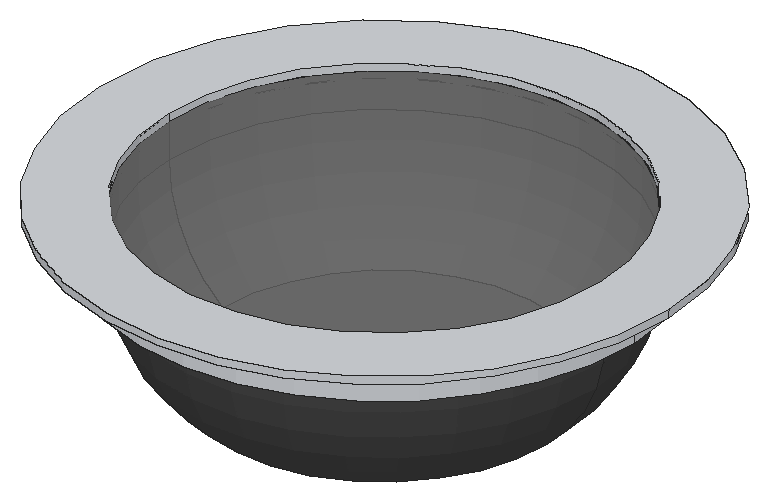
Revit family "3031807 Lighting Fixture_Sylvania_Syl-Lighter II_Ceiling Recessed", category Lighting Fixtures, host Face, Revit 2017
Family settings
  Host = Face
  Round Connector Dimension = Use Diameter
  Part Type = Normal
  OmniClass Number = 23.80.70.11.17
  OmniClass Title = Specialized Lighting by Location or Use
  Cut with Voids When Loaded = No
  Light Source = Yes
  Shared = No
  Room Calculation Point = No
Parameters (values of type "Syl-Lighter LED II 165 RO 12W NW DALI")
  Weight = 0.45 kg
  Wattage = 11.494 W
  built-in parameter 1150110 = 1 (stored number, unit not read)
  Voltage Comments = "UNV (Universal Voltage; 220-240 Volt)"  # constant formula
  Voltage = 240 V  # constant formula
  URL = "http://www.sylvania-lighting.com"
  built-in parameter 1114217 = 1 (stored number, unit not read)
  Tilt Angle = -90.00°  # constant formula
  built-in parameter 1150109 = 1 (stored number, unit not read)
  built-in parameter 1150134 = 12
  Ta Rating = "-10°C to +40°C"  # constant formula
  built-in parameter 1150113 = 1 (stored number, unit not read)
  Recessed Depth = Height  # 45.0 mm
  IP Rating = "IP44"  # constant formula
  IK Rating = "IK07"  # constant formula
  Energy Class = "A++, A+, A"  # constant formula
  Dimmable = "DALI"  # constant formula
  Catalog Number = "3031807 Syl-Lighter LED II 165 RO 12W NW DALI"
  Body Material = Metal_Sylvania_Syl-Lighter LED II_Silver
  Product Page URL = "http://www.sylvania-lighting.com/product/en-int/products/3031807"
  Product Family = "SYL-LIGHTER LED II"  # constant formula
  Photometry Comments = ""
  Photometric Web File = "3031807_Syl-LighterLEDII165RO12WNWDALI-187565.ies"
  built-in parameter 1150105 = 634.92 (stored number, unit not read)
  Lumens = 1134 lm
  built-in parameter 1150115 = 1 (stored number, unit not read)
  built-in parameter 1150137 = (empty or 0)
  built-in parameter 1150139 = (empty or 0)
  Life = "50 000h"  # constant formula
  built-in parameter 1150112 = 1 (stored number, unit not read)
  built-in parameter 1150114 = 1 (stored number, unit not read)
  Lamp Comments = "Integrated LED"
  built-in parameter 1150132 = 2
  built-in parameter 1150102 = (empty or 0)
  built-in parameter 1150107 = 4000 (stored number, unit not read)
  built-in parameter 1150138 = (empty or 0)
  built-in parameter 1150106 = 6.3492 (stored number, unit not read)
  Glow Wire Test = 650 °C  # constant formula
  Emit from Circle Diameter = Diffuser Diameter  # 125.0 mm
  Emit Shape Visible in Rendering = no
  built-in parameter 1150104 = 9.1658 (stored number, unit not read)
  Drive Current = "300mA"
  Dimming Lamp Color Temperature Shift = <None>
  Diffuser Radius = Diffuser Diameter / 2  # 62.5 mm
  Diffuser Diameter = Diameter - 20.0 mm  # 125.0 mm
  Inner Diameter = Diameter - 4.0 mm  # 141.0 mm
  Cutout Diameter = Diameter  # 145.0 mm
  Color Filter = 16777215
  Beam Angle = 74.00°
  built-in parameter 1114218 = 1 (stored number, unit not read)
  built-in parameter 1150133 = 10 (stored number, unit not read)
  Height = 45.0 mm
  Electrical Protection = "CLASS II"  # constant formula
  built-in parameter 1114216 [instance] = 1 (stored number, unit not read)
  Model = "Syl-Lighter LED II 165 RO 12W NW DALI"
  Manufacturer = "Feilo Sylvania"  # constant formula
  Lamp = "LED"
  Diffuser Material = Polycarbonate_Sylvania_Syl-Lighter LED II_Opal
  Description = "Syl-Lighter LED II is available in 4 different round body sizes: 165mm, 195mm, 220mm & 240mm Syl-Lighter LED II 165 12W delivers a 1,134 lumen output (4,000K) - perfect for 1x26W CFL replacement Syl-Lighter LED II 195 15W delivers a 1,480 lumen output (4,000K) - perfect for 1x32W/2x18W CFL replacement Syl-Lighter LED II 220 21W delivers a 1,989 lumen output (4,000K) - perfect for 1x42W CFL replacement Syl-Lighter LED II 240 25W delivers a 2,289 lumen output (4,000K)- perfect for 2x26W CFL replacement High efficacy up to 99lm/W (Syl-Lighter LED II 195 4,000K) IP44 rating allows for installation in applicable wet zone areas Choice of 3,000K (warm white) or 4,000K (neutral white) Shallow recess depth of <65mm Can replace existing large CFL downlights using a 225mm ceiling cut out (Syl-Lighter LED II 240) Energy efficient electronic gear including analogue 1-10V and DALI dimmable options IK07 polycarbonate diffuser allows for a wider light distribution than a reflector downlight, allowing for increased spacings between luminaires 3 hour emergency pack available (to be ordered in addition to the luminaire) Ideal for applications such as corridors, public WCs and back of house areas Quick and easy to install Loop in-Loop out facility with red push fit terminal block for quick wiring White bezel (RAL 9003) Energy Class: A++, A+, A Long lifetime: 50,000 hours life at L70 (L80: 30,000 hours, L90: 15,000 hours)"  # constant formula
  Default Elevation = 0.0 mm
  built-in parameter 1140040 [instance] = 1
  Assembly Code = "D5020200"
  Apparent Load Comments = ""
  Apparent Load = 12 VA
  Accessory Radius = Accessory Diameter / 2  # 82.5 mm
  Accessory Material = Aluminum_Sylvania_Syl-Lighter LED II_White_RAL 9003
  Diameter = 145.0 mm
  Accessory Diameter = 165.0 mm
Reference planes
  plane 1 "Center (Front/Back)": y = 0
  plane 2: z = 0
  plane 3 "Center (Left/Right)": x = 0
  plane 4 "Fixture Bottom": z = 2
  plane 5: z = -10
  plane 6 "Fixture Top": z = -45
  plane 7: z = -2
Forms (mm)
  Extrusion 1, void
    sketch origin (0, 0, 58) x (-1, 0, 0) y (0, -1, 0)
      loop
        circle (0, 0) r 72.5
    from -171 to -55
  Extrusion 2, solid, detail levels fine
    sketch origin (0, 0, 58) x (-1, 0, 0) y (0, -1, 0)
      loop
        circle (0, 0) r 72.5
      loop
        circle (0, 0) r 70.5
    from -68 to -58
  Extrusion 3, solid, detail levels fine
    sketch origin (0, 0, 58) x (-1, 0, 0) y (0, -1, 0)
      loop
        circle (0, 0) r 82.5
      loop
        circle (0, 0) r 62.5
    from -58 to -56
  Extrusion 4, solid, material "Polycarbonate_Sylvania_Syl-Lighter LED II_Opal" <- "Diffuser Material", detail levels fine
    sketch origin (0, 0, 58) x (-1, 0, 0) y (0, -1, 0)
      loop
        circle (0, 0) r 62.5
    from -60 to -58
  Revolve 5, solid, material "Metal_Sylvania_Syl-Lighter LED II_Silver" <- "Body Material", detail levels fine
    sketch origin (0, 0, 0) x (1, 0, 0) y (0, 0, 1)
      loop
        line (-62.5, 0) -> (-64.5, 0) -> (-64.5, -10)
        arc (-64.5, -10) -> (-60.025, -29.455) -> (-47.5, -45) r 44.529
        line (-47.5, -45) -> (0, -45) -> (0, -43) -> (-46.799, -43)
        arc (-46.799, -43) -> (-58.375, -28.272) -> (-62.5, -10) r 42.529
        line (-62.5, -10) -> (-62.5, 0)
      axis (0, -45) -> (0, 0)
    angle from 0 to 360
  Revolve 6, solid, material "Aluminum_Sylvania_Syl-Lighter LED II_White_RAL 9003" <- "Accessory Material", detail levels coarse+medium
    sketch origin (0, 0, 0) x (1, 0, 0) y (0, 0, 1)
      loop
        line (-82.5, 2) -> (-82.5, 0) -> (-75, 0) -> (-75, -10) -> (-67, -10)
        arc (-67, -10) -> (-62.525, -29.455) -> (-50, -45) r 44.529
        line (-50, -45) -> (0, -45) -> (0, 2) -> (-82.5, 2)
      axis (0, 2) -> (0, -45)
    angle from 0 to 360
Cuts and joins
  joined: Extrusion 2, Extrusion 3
Lines and regions (mm)
  Masking region 1
    outline origin (0, 0, 58) x (-1, 0, 0) y (0, -1, 0)
      loop
        circle (0, 0) r 82.5
  symbolic lines, detail levels fine
    curve 1: arc (-62.5, 0, 58) -> (0, 62.5, 58) -> (62.5, 0, 58) r 62.5
    curve 2: arc (62.5, 0, 58) -> (0, -62.5, 58) -> (-62.5, 0, 58) r 62.5
Dimensions and locks
  locked: plane 4 "Fixture Bottom" to plane 2 at 2
  locked: plane 2 to plane 5 at 10
  "Height": plane 2 to plane 6 "Fixture Top"
  locked: plane 2 to plane 7 at 2
  "Diffuser Radius": plane 3 "Center (Left/Right)" to Revolve 5 sketch curve
  locked: Revolve 5 sketch curve to Revolve 5 sketch curve at 2
  locked: Revolve 5 sketch curve to Revolve 5 sketch curve at 15
  "Accessory Radius": plane 3 "Center (Left/Right)" to Revolve 6 sketch curve
  Revolve 6 sketch curve to Revolve 6 sketch curve to Revolve 6 sketch curve to Revolve 6 sketch curve = 7.5 mm locked, 8.0 mm locked, 17.0 mm locked
  "Cutout Diameter": diameter of Extrusion 1 sketch curve
  "Diameter": diameter of Extrusion 2 sketch curve
  "Inner Diameter": diameter of Extrusion 2 sketch curve
  "Accessory Diameter": diameter of Extrusion 3 sketch curve
  "Diffuser Diameter": diameter of Extrusion 3 sketch curve
  "Diffuser Diameter": diameter of Extrusion 4 sketch curve
  "Accessory Diameter": diameter of Masking region 1 sketch curve
  aligned and locked: host face to plane 2
  aligned and locked: host face to level
  aligned and locked: plane 4 "Fixture Bottom" to Extrusion 3
  aligned and locked: Extrusion 3 to plane 2
  aligned and locked: Extrusion 2 to plane 5
  aligned and locked: plane 2 to Extrusion 2
  aligned and locked: Extrusion 4 to plane 7
  aligned and locked: plane 2 to Extrusion 4
  aligned and locked: Revolve 5 sketch curve to plane 2
  aligned and locked: plane 5 to Revolve 5 sketch curve  (x2)
  aligned and locked: Revolve 5 sketch curve to plane 3 "Center (Left/Right)"
  aligned and locked: plane 3 "Center (Left/Right)" to Revolve 5 sketch curve
  aligned and locked: Revolve 6 sketch curve to plane 5
  aligned and locked: Revolve 6 sketch curve to plane 2
  aligned and locked: Revolve 6 sketch curve to plane 4 "Fixture Bottom"
  aligned and locked: plane 3 "Center (Left/Right)" to Revolve 6 sketch curve
  aligned and locked: Revolve 6 sketch curve to plane 3 "Center (Left/Right)"
  aligned and locked: plane 3 "Center (Left/Right)" to imposter light
  aligned and locked: imposter light to plane 1 "Center (Front/Back)"
  aligned and locked: imposter light to plane 4 "Fixture Bottom"
  aligned and locked: curve 1 to cut or joined group of Extrusion 2, Extrusion 3
Automatic sketch dimensions
  host sketch curve to host sketch curve = 700.0 mm
  host sketch curve to host sketch curve = 620.0 mm
  plane 1 "Center (Front/Back)" to Extrusion 1 sketch curve = 0.0 mm
  Extrusion 1 sketch curve to plane 3 "Center (Left/Right)" = 0.0 mm
  Extrusion 2 sketch curve to Extrusion 2 sketch curve = 0.0 mm  (x2)
  plane 1 "Center (Front/Back)" to Extrusion 2 sketch curve = 0.0 mm
  Extrusion 2 sketch curve to plane 3 "Center (Left/Right)" = 0.0 mm
  Extrusion 3 sketch curve to Extrusion 3 sketch curve = 0.0 mm  (x2)
  plane 1 "Center (Front/Back)" to Extrusion 3 sketch curve = 0.0 mm
  Extrusion 3 sketch curve to plane 3 "Center (Left/Right)" = 0.0 mm
  plane 1 "Center (Front/Back)" to Extrusion 4 sketch curve = 0.0 mm
  Extrusion 4 sketch curve to plane 3 "Center (Left/Right)" = 0.0 mm
  Revolve 5 sketch curve to Revolve 5 sketch curve = 0.0 mm
  Revolve 5 sketch curve to plane 6 "Fixture Top" = 0.0 mm
  plane 6 "Fixture Top" to Revolve 5 sketch curve = 2.0 mm
  Revolve 5 sketch curve to Revolve 5 sketch curve = 17.111 mm
  plane 4 "Fixture Bottom" to Revolve 5 sketch curve = 20.889 mm
  Revolve 6 sketch curve to plane 6 "Fixture Top" = 0.0 mm
  Revolve 6 sketch curve to plane 6 "Fixture Top" = 63.885 mm
  Revolve 6 sketch curve to Revolve 6 sketch curve = 84.115 mm
  plane 1 "Center (Front/Back)" to Masking region 1 sketch curve = 0.0 mm
  Masking region 1 sketch curve to plane 3 "Center (Left/Right)" = 0.0 mm
Connectors
  electrical at (0, 0, -45), driven by "Apparent Load", driven by "Voltage"
    settings: on Revolve 5, index 1, voltage 240 V, apparent load 0 VA, apparent load phase1 12 VA, apparent load phase2 0 VA, apparent load phase3 0 VA, power factor 1, load classification "Lighting", number of poles 1, system type 31, power factor state 1, is connector primary yes, connector utility no, sub classification motor no, connector description ""
